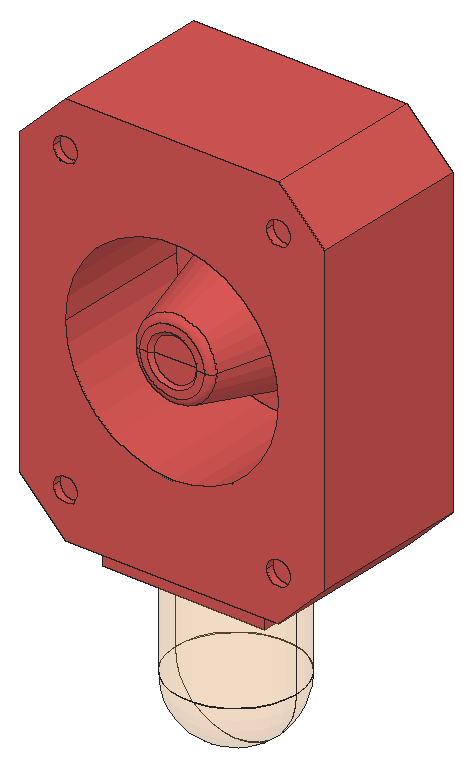
Revit family "FA_Xenon Beacon with Speaker", category Fire Alarm Devices, Revit 2013
Parameters
  Light = Glass, White, High Luminance
Reference planes
  plane 1 "Center (Front/Back)": y = 0
  plane 2: z = 0
  plane 3 "Center (Left/Right)": x = 0
  plane 4: x = -100
  plane 5: x = 100
  plane 6: z = 100
  plane 7: z = -100
  plane 8: z = 130
  plane 9 "Bot": z = -130
  plane 10 "Fr": y = -105
  plane 11: x = -70
  plane 12: x = 70
  plane 13 "MId": y = -52.5
Forms (mm)
  Extrusion 1, solid, material "Aluminum, Anodized Red"
    sketch origin (0, -105, 0) x (-1, 0, 0) y (0, 0, 1)
      loop
        line (70, -130) -> (100, -100) -> (100, 100) -> (70, 130) -> (-70, 130) -> (-100, 100) -> (-100, -100) -> (-70, -130) -> (70, -130)
    from 0 to 105
  Extrusion 2, void
    sketch origin (0, -105, 0) x (-1, 0, 0) y (0, 0, 1)
      loop
        circle (0, 0) r 70
    from 0 to 90
  Extrusion 3, void
    sketch origin (0, -105, 0) x (-1, 0, 0) y (0, 0, 1)
      loop
        circle (70, 100) r 8
    from 0 to 5
  Extrusion 4, void
    sketch origin (140, -105, 0) x (-1, 0, 0) y (0, 0, 1)
      loop
        circle (70, 100) r 8
    from 0 to 5
  Extrusion 5, void
    sketch origin (0, -105, -200) x (-1, 0, 0) y (0, 0, 1)
      loop
        circle (70, 100) r 8
    from 0 to 5
  Extrusion 6, void
    sketch origin (140, -105, -200) x (-1, 0, 0) y (0, 0, 1)
      loop
        circle (70, 100) r 8
    from 0 to 5
  Revolve 7, solid, material "Aluminum, Anodized Red"
    sketch origin (0, 0, 0) x (1, 0, 0) y (0, 1, 0)
      loop
        line (0, -15) -> (-50, -15) -> (-26.017, -101.338)
        arc (-26.017, -101.338) -> (-24.225, -103.981) -> (-21.2, -105) r 5
        line (-21.2, -105) -> (-16.287, -105) -> (-14.113, -102.826) -> (0, -102.826) -> (0, -15)
      axis (0, -15) -> (0, -105)
    angle from 0 to 360
  Extrusion 8, solid, material "Aluminum, Anodized Red"
    sketch origin (-8.434, 0, 0) x (1, 0, 0) y (0, 1, 0)
      loop
        line (-41.566, -100) -> (65, -100) -> (65, -5) -> (-41.566, -5) -> (-41.566, -100)
    from -130 to -140
  Revolve 9, solid, material "Glass, Green"
    sketch origin (0, -52.5, 0) x (-1, 0, 0) y (0, 0, 1)
      loop
        line (0, -140) -> (0, -245)
        arc (0, -245) -> (28.284, -233.284) -> (40, -205) r 40
        line (40, -205) -> (40, -140) -> (0, -140)
      axis (0, -140) -> (0, -245)
    angle from 0 to 360
Cuts and joins
  Extrusion 2, Extrusion 3, Extrusion 4, Extrusion 5, Extrusion 6 cuts Extrusion 1
Dimensions and locks
  aligned and locked: Extrusion 1 to plane 1 "Center (Front/Back)"
  aligned and locked: plane 9 "Bot" to Extrusion 8
Nested families
  nested 1: "FA_XBS" at (-35.998, -36.404, 0) x (0, -1, 0) z (0, 0, 1), type "FA_XBS"
Definition of nested family "FA_XBS"
  Reference planes
    plane 1: y = 0
    plane 2: x = 0
  Lines and regions (mm)
    Filled region 1, type "Filled region 1"
      outline origin (0, 0, 0) x (1, 0, 0) y (0, 1, 0)
        loop
          line (-1.5, 1.5) -> (0, 0) -> (1.5, 1.5) -> (0, 3) -> (-1.5, 1.5)
    detail lines, style "Fire Alarm Symbols"
      curve 1: line (-1.5, 3, 0) -> (1.5, 3, 0)
      curve 2: line (-1.5, 3, 0) -> (-1.5, 0, 0)
      curve 3: line (-1.5, 0, 0) -> (1.5, 0, 0)
      curve 4: line (1.5, 0, 0) -> (1.5, 3, 0)
      curve 5: line (1.5, 1.5, 0) -> (3.3, 2.539, 0)
      curve 6: line (3.3, 2.539, 0) -> (3.3, 0.496, 0)
      curve 7: line (3.3, 0.496, 0) -> (1.5, 1.5, 0)
